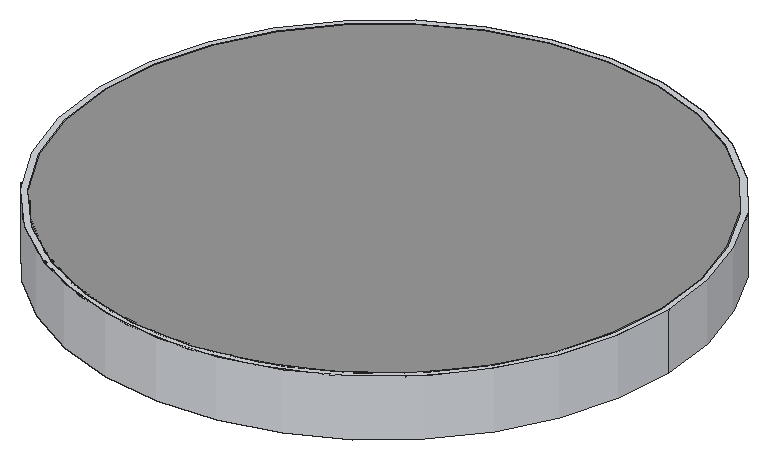
Revit family "2071179", category Lighting Fixtures, host Face, Revit 2018
Family settings
  Host = Face
  Round Connector Dimension = Use Diameter
  Part Type = Normal
  OmniClass Number = 23.80.70.00
  OmniClass Title = Lighting
  Cut with Voids When Loaded = No
  Light Source = Yes
  Shared = No
  Room Calculation Point = No
Parameters (values of type "2071179 COLOSSAL 600 840 PR DIR WHT")
  iner diameter = 588 mm
  Weight = "n/a"
  Wattage Comments = ""
  Wattage = 30 W
  WarrantyStartDate [instance] = "n/a"
  WarrantyGuarantorParts = "n/a"
  WarrantyDurationUnit = "n/a"
  WarrantyDurationParts = ""
  WarrantyDescription = "http://www.sylvania-lighting.com"
  built-in parameter 1150110 = 1 (stored number, unit not read)
  Voltage = 230 V
  URL = "0.95"
  TypeName = "COLOSSAL 600mm 840 PRISM DIR WHITE"
  Type Image = <None>
  Type Comments = "n/a"
  built-in parameter 1114217 = 1 (stored number, unit not read)
  Tilt Angle = -90.00°
  built-in parameter 1150109 = 1 (stored number, unit not read)
  built-in parameter 1150134 = (empty or 0)
  built-in parameter 1150113 = 1 (stored number, unit not read)
  SerialNumber [instance] = "n/a"
  Photometric Web File = "2071179.ies"
  Material_3_SYL = LED-Sylvania
  PowerFactor = 0
  PowerConsumption = "Lighting"
  NominalLength = 600 mm
  NominalHeight = 93 mm
  NominalDepth = 600 mm
  Name = "COLOSSAL 600mm 840 PRISM DIR WHITE"
  ModelReference = Name  # "COLOSSAL 600mm 840 PRISM DIR WHITE"
  ModelNumber = "2071179"
  Model = Name  # "COLOSSAL 600mm 840 PRISM DIR WHITE"
  Material = "Feilo Sylvania"
  ManufacturerName = "128 lm/W"
  Manufacturer = ""
  LuminousEfficacy = ""
  built-in parameter 1150105 = 270.44 (stored number, unit not read)
  Lumens = 3398.4 lm
  LuminaireType = "0"
  built-in parameter 1150115 = 1 (stored number, unit not read)
  LightOutputRatio = "LED"
  built-in parameter 1150137 = (empty or 0)
  built-in parameter 1150139 = (empty or 0)
  LampsType = Lamp  # "n/a"
  LampNominalLuminous = "4000 K"
  LampMacAdamStep = "80"
  LampColourTemperature = "LED"
  LampColourRenderingIndex = "16500"
  built-in parameter 1150112 = 1 (stored number, unit not read)
  built-in parameter 1150114 = 1 (stored number, unit not read)
  Lamp = "n/a"
  Keynote = "n/a"
  InstallationDate [instance] = "n/a"
  InputVoltage = "0"
  InputNominalFrequency = "4000"
  built-in parameter 1150132 = (empty or 0)
  built-in parameter 1150102 = (empty or 0)
  built-in parameter 1150107 = 3000 (stored number, unit not read)
  built-in parameter 1150138 = (empty or 0)
  IngressProtection = "IfcLightFixtureType"
  ImpactProtectionIndex = "IfcLightFixtureType"
  built-in parameter 1150106 = 2.7044 (stored number, unit not read)
  IfcExportType = "IfcLightFixtureType"
  IfcExportAs = "Class I"
  Emit from Circle Diameter = 385 mm
  Emit Shape Visible in Rendering = no
  ElectricShockClassification = "128"
  built-in parameter 1150104 = 10.524 (stored number, unit not read)
  DocumentationLiterature = "http://www.sylvania-lighting.com/product/en-int/products/2071179"
  DimmingControlOptions = "n/a"
  Material_2_SYL = Polycarbonate_Sylvania_White
  Dimming Lamp Color Temperature Shift = <None>
  Description = "600mm diameter circular architectural luminaire, can be surface mounted or suspended. Powder coated aluminium housing (RAL9016) with PMMA prismatic diffuser. Direct light distribution, 3995lm luminuous flux, 31.3W system power, 128lm/W luminiaire efficacy. Constant current driver. Colour rendering index Ra >80, 4000K Neutral White LED, chromaticity tolerance of 3-step MacAdam ellipse. IP40, IK03. 350mA drive current. UGR≤19. Electrical protection Class1, 220-240V. Reported lifetime 66k hours L90B10."
  Default Elevation = 1219.2 mm
  CreatedOn = "23/03/2022"
  CreatedBy = "@sylvania-lighting.com"
  Cost = 0
  Color Filter = 16777215
  built-in parameter 1114216 [instance] = (empty or 0)
  ClassificationValue = "EF_70_80"
  ClassificationName = "Uniclass2015"
  Material_1_SYL = Polycarbonate_Sylvania_Opal
  BarCode [instance] = "n/a"
  built-in parameter 1114218 = 1 (stored number, unit not read)
  built-in parameter 1150133 = 10 (stored number, unit not read)
  AssetType = "Fixed"
  AssetIdentifier [instance] = "n/a"
  Assembly Code = "D5020200"
  Apparent Load = 31.3 VA
  Material_4_SYL = none
Reference planes
  plane 1 "Center (Front/Back)": y = 0
  plane 2: z = 0
  plane 3 "Center (Left/Right)": x = 0
  plane 4: x = -300
  plane 5: x = 300
  plane 6: y = 300
  plane 7: y = -300
  plane 8: y = 212
  plane 9: y = -212
  plane 10: z = 93
  plane 11: y = 294
  plane 12: y = -294
  plane 13: through (0, 0, 1219.2) normal (0.5, -0.866, 0)
  plane 14: through (-134.29, 20.617, 1219.2) normal (0.5, -0.866, 0)
  plane 15: through (-144.685, -181.683, 1219.2) normal (-0.5, 0.866, 0)
  plane 16: through (0, 0, 1219.2) normal (0.5, 0.866, 0)
  plane 17: through (178.555, -4.939, 1219.2) normal (0.5, 0.866, 0)
  plane 18: through (87.581, -148.715, 1219.2) normal (0.5, 0.866, 0)
  plane 19: y = 272
  plane 20: through (105.168, 227.067, 1219.2) normal (0.866, 0.5, 0)
  plane 21: through (-104.171, 225.672, 1219.2) normal (0.8572, -0.515, 0)
  plane 22: y = -204.612
  plane 23: through (-296.643, -30.2, 1219.2) normal (0.866, 0.5, 0)
  plane 24: through (153.092, -278.837, 1219.2) normal (-0.866, 0.5, 0)
Forms (mm)
  Extrusion 1, solid, detail levels medium+fine
    sketch origin (0, 0, 0) x (1, 0, 0) y (0, 1, 0)
      loop
        circle (0, 0) r 300
    from 33.023 to 93
  Extrusion 2, void
    sketch origin (0, 0, 0) x (1, 0, 0) y (0, 1, 0)
      loop
        circle (0, 0) r 294
    from 93 to 37.292
  Extrusion 3, solid, material "Glass, White, High Luminance", detail levels fine
    sketch origin (0, 0, 0) x (1, 0, 0) y (0, 1, 0)
      loop
        circle (0, 0) r 294
    from 88.026 to 93
  Extrusion 4, solid, detail levels coarse
    sketch origin (0, 0, 0) x (1, 0, 0) y (0, 1, 0)
      loop
        line (-300, 300) -> (-300, -300) -> (300, -300) -> (300, 300) -> (-300, 300)
    from 0 to 93
  Blend 5, solid, detail levels medium+fine
    base sketch origin (0, 0, 0) x (1, 0, 0) y (0, 1, 0)
      loop
        line (-76.334, 272) -> (-277.665, -63.07) -> (-195.946, -204.612) -> (195.946, -204.612) -> (275.172, -67.388) -> (79.226, 272) -> (-76.334, 272)
    top sketch origin (0, 0, 0) x (1, 0, 0) y (0, 1, 0)
      loop
        line (-226.097, -32.388) -> (-141.097, -179.612) -> (141.097, -179.612) -> (226.097, -32.388) -> (85, 212) -> (-85, 212) -> (-226.097, -32.388)
    from 33.023 to 0
Cuts and joins
  Extrusion 2 cuts Extrusion 1
Lines and regions (mm)
  model lines
    curve 1: line (-85, 212, 0) -> (0, 212, 0)
    curve 2: line (0, 212, 0) -> (85, 212, 0)
Dimensions and locks
  "NominalDepth": plane 6 to plane 7
  "NominalLength": plane 4 to plane 5
  equal spacing: plane 4, plane 3 "Center (Left/Right)", plane 5
  "iner diameter": plane 11 to plane 12
  equal spacing: plane 11, plane 1 "Center (Front/Back)", plane 12
  equal spacing: plane 6, plane 1 "Center (Front/Back)", plane 7
  "NominalHeight": plane 10 to level
  radius of Extrusion 2 sketch curve = 294 mm
  aligned and locked: plane 2 to host face
  aligned and locked: level to host face
Automatic sketch dimensions
  host sketch curve to host sketch curve = 2438.4 mm  (x2)
  plane 1 "Center (Front/Back)" to Extrusion 1 sketch curve = 0 mm
  Extrusion 1 sketch curve to plane 3 "Center (Left/Right)" = 0 mm
  plane 1 "Center (Front/Back)" to Extrusion 2 sketch curve = 0 mm
  Extrusion 2 sketch curve to plane 3 "Center (Left/Right)" = 0 mm
  plane 1 "Center (Front/Back)" to Extrusion 3 sketch curve = 0 mm
  Extrusion 3 sketch curve to plane 3 "Center (Left/Right)" = 0 mm
  Extrusion 4 sketch curve to plane 4 = 0 mm
  Extrusion 4 sketch curve to plane 5 = 0 mm
  Extrusion 4 sketch curve to plane 7 = 0 mm
  Extrusion 4 sketch curve to plane 6 = 0 mm
  Blend 5 sketch curve to plane 8 = 0 mm
  Blend 5 sketch curve to plane 3 "Center (Left/Right)" = 85 mm
  plane 3 "Center (Left/Right)" to Blend 5 sketch curve = 85 mm
  plane 9 to Blend 5 sketch curve = 32.388 mm
  plane 3 "Center (Left/Right)" to Blend 5 sketch curve = 141.097 mm
  plane 1 "Center (Front/Back)" to Blend 5 sketch curve = 32.388 mm  (x2)
  Blend 5 sketch curve to plane 5 = 73.903 mm
  Blend 5 sketch curve to plane 3 "Center (Left/Right)" = 141.097 mm
  plane 4 to Blend 5 sketch curve = 73.903 mm
  curve 1 to plane 8 = 0 mm
  curve 2 to plane 3 "Center (Left/Right)" = 0 mm
  curve 1 to plane 3 "Center (Left/Right)" = 85 mm
  curve 1 to curve 2 = 85 mm
  Blend 5 sketch curve to plane 21 = 0 mm
  Blend 5 sketch curve to plane 23 = 0 mm  (x2)
  Blend 5 sketch curve to plane 22 = 0 mm
  Blend 5 sketch curve to plane 19 = 0 mm
  plane 21 to Blend 5 sketch curve = 0 mm
  Blend 5 sketch curve to plane 20 = 0 mm  (x2)
  Blend 5 sketch curve to plane 24 = 0 mm  (x2)
  radius of Extrusion 1 sketch curve = 300 mm
  radius of Extrusion 3 sketch curve = 294 mm
Connectors
  electrical at (0, 0, 0), driven by "Apparent Load", driven by "PowerFactor", driven by "Voltage"
    settings: index 1, voltage 230 V, apparent load 31.3 VA, apparent load phase1 0 VA, apparent load phase2 0 VA, apparent load phase3 0 VA, power factor 0, load classification "Lighting", number of poles 1, system type 30, power factor state 1, is connector primary yes, connector utility no, sub classification motor no, connector description ""
